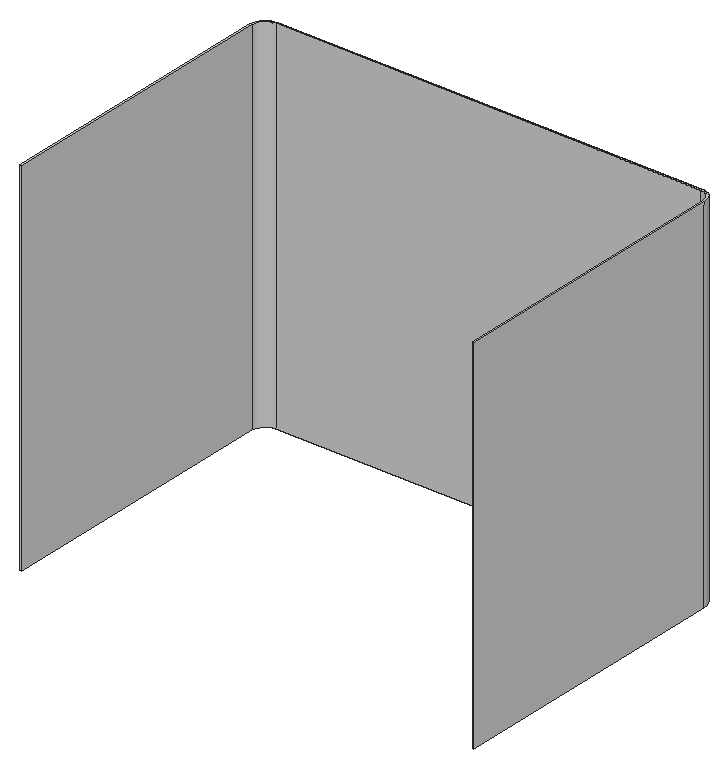
Revit family "Haworth_Belong_Cubby", category Furniture Systems, Revit 2018
Family settings
  Round Connector Dimension = Use Diameter
  Part Type = Normal
  OmniClass Number = 23.40.70.14.64.21
  OmniClass Title = Systems Furniture
  Work Plane-Based = No
  Always vertical = Yes
  Cut with Voids When Loaded = No
  Shared = No
  Room Calculation Point = No
Parameters (values of type "12h - With Slots")
  Without Slots [instance] = not(With Slots)  # no
  With Slots [instance] = yes
  Width = 15"  # constant formula
  Warranty = "http://www.haworth.com/resources/product-info/warranties"
  URL = "www.haworth.com"
  Type Comments = ""
  Trim Finish = Haworth _ Paint _ Putty
  Sustainability Info = "https://www.haworth.com/na/en/expertise/sustainability.html"
  Standard Heights = "9, 12 in."  # constant formula
  Standard Depth = "10 in."  # constant formula
  Standard 12in = and([12in Cubby Height], or(Width = 18", Width = 22", Width = 27", Width = 31", Width = 36"))  # no
  Slat Top Offset = 1 53/64"  # constant formula
  Slat Offset = 1 7/32"  # constant formula
  Slat Height = 87/256"  # constant formula
  Slat Gap = 1 169/256"  # constant formula
  Size = "Verify Final Dim. w/ Haworth"  # constant formula
  Revision Number = "2"  # constant formula
  Product Page URL = "http://www.haworth.com/products/accessories/work-tools/belong"
  Metal Depth = 1/16"  # constant formula
  Mounting Height [instance] = 30"
  Model = "Haworth - Belong - Cubby"  # constant formula
  Standard Width = "15 in."  # constant formula
  Min. Width = 15"  # constant formula
  Max. Width = 15"  # constant formula
  Manufacturer = "Haworth"  # constant formula
  Description = "Haworth - Belong - Cubby"  # constant formula
  Standard 8in = and([9in Cubby Height], or(Width = 24", Width = 30", Width = 36", Width = 42", Width = 48"))  # no
  Custom Size = not(or(Standard 12in, Standard 8in))  # yes
  Author = "Haworth (Hampton)"  # constant formula
  Assembly Code = "E2020200"
  Actual With Slots [instance] = and(With Slots, [12in Cubby Height])  # yes
  Actual Width = if(Width > Max. Width, Max. Width, if(Width < Min. Width, Min. Width, Width))  # 15"
  Actual Height = if([12in Cubby Height], 12", 9")  # 12"
  Actual Depth = 10"  # constant formula
  9in Cubby Height = not([12in Cubby Height])  # no
  12in Cubby Height = yes
Types (3): name | Without Slots | With Slots | Actual With Slots | Actual Height | 9in Cubby Height | 12in Cubby Height
  12h - With Slots | no | yes | yes | 12" | no | yes
  12h - No Slots | yes | no | no | 12" | no | yes
  9h - No Slots | yes | no | no | 9" | yes | no
Reference planes (in)
  plane 1 "Center F/B": y = 0
  plane 2: z = 0
  plane 3 "Center L/R": x = 0
  plane 4 "Left": x = -7.5
  plane 5 "Right": x = 7.5
  plane 6 "Back": y = 0.03125
  plane 7 "Front": y = -0.03125
  plane 8: z = 30
  plane 9: z = 42
  plane 10 "Slat 1": z = 40.17188
  plane 11 "Slat 2": z = 39.83203
  plane 12 "Slat 3": z = 38.17188
  plane 13 "Slat 4": z = 37.83203
  plane 14 "Slat 5": z = 36.17188
  plane 15 "Slat 6": z = 35.83203
  plane 16 "Slat Left": x = -6.28125
  plane 17 "Slat Right": x = 6.28125
  plane 18 "Front End": y = -9.96875
  plane 19 "Left Inside": x = -7.4375
  plane 20 "Right Inside": x = 7.4375
Forms (in)
  Extrusion 1, solid, material "Haworth _ Paint _ Putty" <- "Trim Finish"
    sketch origin (0, 0, 0) x (1, 0, 0) y (0, 1, 0)
      loop
        line (-7.4375, -9.96875) -> (-7.4375, -0.46875)
        arc (-7.4375, -0.46875) -> (-7.30936, -0.15939) -> (-7, -0.03125) r 0.4375
        line (-7, -0.03125) -> (7, -0.03125)
        arc (7, -0.03125) -> (7.30936, -0.15939) -> (7.4375, -0.46875) r 0.4375
        line (7.4375, -0.46875) -> (7.4375, -9.96875) -> (7.5, -9.96875) -> (7.5, -0.46875)
        arc (7.5, -0.46875) -> (7.35355, -0.1152) -> (7, 0.03125) r 0.5
        line (7, 0.03125) -> (-7, 0.03125)
        arc (-7, 0.03125) -> (-7.35355, -0.1152) -> (-7.5, -0.46875) r 0.5
        line (-7.5, -0.46875) -> (-7.5, -9.96875) -> (-7.4375, -9.96875)
    from 30 to 42
Lines and regions (in)
  Masking region 1
    outline origin (0, 0, 0) x (1, 0, 0) y (0, 1, 0)
      loop
        line (-7.5, 0.03125) -> (-7.5, -9.96875) -> (-7.4375, -9.96875) -> (-7.4375, -0.03125) -> (7.4375, -0.03125) -> (7.4375, -9.96875) -> (7.5, -9.96875) -> (7.5, 0.03125) -> (-7.5, 0.03125)
  model lines, visible <- "Actual With Slots", detail levels medium+fine
    curve 1: line (-6.28125, -0.03125, 40.17188) -> (6.28125, -0.03125, 40.17188)
    curve 2: line (-6.28125, -0.03125, 39.83203) -> (-6.28125, -0.03125, 40.17188)
    curve 3: line (6.28125, -0.03125, 39.83203) -> (-6.28125, -0.03125, 39.83203)
    curve 4: line (6.28125, -0.03125, 40.17188) -> (6.28125, -0.03125, 39.83203)
    curve 5: line (-6.28125, -0.03125, 38.17188) -> (6.28125, -0.03125, 38.17188)
    curve 6: line (-6.28125, -0.03125, 37.83203) -> (-6.28125, -0.03125, 38.17188)
    curve 7: line (6.28125, -0.03125, 37.83203) -> (-6.28125, -0.03125, 37.83203)
    curve 8: line (6.28125, -0.03125, 38.17188) -> (6.28125, -0.03125, 37.83203)
    curve 9: line (-6.28125, -0.03125, 36.17188) -> (6.28125, -0.03125, 36.17188)
    curve 10: line (-6.28125, -0.03125, 35.83203) -> (-6.28125, -0.03125, 36.17188)
    curve 11: line (6.28125, -0.03125, 35.83203) -> (-6.28125, -0.03125, 35.83203)
    curve 12: line (6.28125, -0.03125, 36.17188) -> (6.28125, -0.03125, 35.83203)
    curve 13: line (-6.28125, 0.03125, 40.17188) -> (6.28125, 0.03125, 40.17188)
    curve 14: line (-6.28125, 0.03125, 39.83203) -> (-6.28125, 0.03125, 40.17188)
    curve 15: line (6.28125, 0.03125, 39.83203) -> (-6.28125, 0.03125, 39.83203)
    curve 16: line (6.28125, 0.03125, 40.17188) -> (6.28125, 0.03125, 39.83203)
    curve 17: line (-6.28125, 0.03125, 38.17188) -> (6.28125, 0.03125, 38.17188)
    curve 18: line (-6.28125, 0.03125, 37.83203) -> (-6.28125, 0.03125, 38.17188)
    curve 19: line (6.28125, 0.03125, 37.83203) -> (-6.28125, 0.03125, 37.83203)
    curve 20: line (6.28125, 0.03125, 38.17188) -> (6.28125, 0.03125, 37.83203)
    curve 21: line (-6.28125, 0.03125, 36.17188) -> (6.28125, 0.03125, 36.17188)
    curve 22: line (-6.28125, 0.03125, 35.83203) -> (-6.28125, 0.03125, 36.17188)
    curve 23: line (6.28125, 0.03125, 35.83203) -> (-6.28125, 0.03125, 35.83203)
    curve 24: line (6.28125, 0.03125, 36.17188) -> (6.28125, 0.03125, 35.83203)
Dimensions and locks (in)
  equal spacing: plane 5 "Right", plane 3 "Center L/R", plane 4 "Left"
  "Actual Width": plane 4 "Left" to plane 5 "Right"
  "Metal Depth": plane 6 "Back" to plane 7 "Front"
  equal spacing: plane 6 "Back", plane 1 "Center F/B", plane 7 "Front"
  "Actual Height": plane 9 to plane 8
  "Mounting Height": plane 8 to level
  "Slat Offset": plane 16 "Slat Left" to plane 4 "Left"
  "Slat Offset": plane 17 "Slat Right" to plane 5 "Right"
  "Slat Top Offset": plane 9 to plane 10 "Slat 1"
  "Slat Height": plane 10 "Slat 1" to plane 11 "Slat 2"
  "Slat Height": plane 12 "Slat 3" to plane 13 "Slat 4"
  "Slat Height": plane 14 "Slat 5" to plane 15 "Slat 6"
  "Slat Gap": plane 11 "Slat 2" to plane 12 "Slat 3"
  "Slat Gap": plane 13 "Slat 4" to plane 14 "Slat 5"
  "Actual Depth": plane 6 "Back" to plane 18 "Front End"
  "Metal Depth": plane 4 "Left" to plane 19 "Left Inside"
  "Metal Depth": plane 20 "Right Inside" to plane 5 "Right"
  aligned and locked: plane 16 "Slat Left" to curve 10
  aligned and locked: plane 16 "Slat Left" to curve 6
  aligned and locked: plane 16 "Slat Left" to curve 2
  aligned and locked: plane 17 "Slat Right" to curve 12
  aligned and locked: plane 17 "Slat Right" to curve 8
  aligned and locked: plane 17 "Slat Right" to curve 4
  aligned and locked: curve 1 to plane 10 "Slat 1"
  aligned and locked: plane 11 "Slat 2" to curve 3
  aligned and locked: curve 5 to plane 12 "Slat 3"
  aligned and locked: plane 13 "Slat 4" to curve 7
  aligned and locked: curve 9 to plane 14 "Slat 5"
  aligned and locked: plane 15 "Slat 6" to curve 11
  aligned and locked: plane 6 "Back" to Masking region 1
  aligned and locked: plane 18 "Front End" to Extrusion 1 sketch curve  (x2)
  aligned and locked: plane 4 "Left" to Extrusion 1 sketch curve
  aligned and locked: Extrusion 1 sketch curve to plane 6 "Back"
  aligned and locked: plane 5 "Right" to Extrusion 1 sketch curve
  aligned and locked: Extrusion 1 sketch curve to plane 20 "Right Inside"
  aligned and locked: Extrusion 1 sketch curve to plane 7 "Front"
  aligned and locked: Extrusion 1 sketch curve to plane 19 "Left Inside"
  aligned and locked: plane 9 to Extrusion 1
  aligned and locked: Extrusion 1 to plane 8
  aligned and locked: Masking region 1 to plane 4 "Left"
  aligned and locked: plane 19 "Left Inside" to Masking region 1
  aligned and locked: Masking region 1 to plane 18 "Front End"  (x2)
  aligned and locked: Masking region 1 to curve 13
  aligned and locked: plane 7 "Front" to Masking region 1
  aligned and locked: plane 20 "Right Inside" to Masking region 1
  aligned and locked: Masking region 1 to plane 5 "Right"
Automatic sketch dimensions
  Extrusion 1 sketch curve to Extrusion 1 sketch curve = 0"  (x2)
  plane 19 "Left Inside" to Extrusion 1 sketch curve = 7/16"
  plane 20 "Right Inside" to Extrusion 1 sketch curve = 7/16"
  Masking region 1 sketch curve to plane 4 "Left" = 0"
  Masking region 1 sketch curve to plane 18 "Front End" = 0"  (x2)
  Masking region 1 sketch curve to plane 19 "Left Inside" = 0"
  Masking region 1 sketch curve to plane 20 "Right Inside" = 0"
  Masking region 1 sketch curve to plane 5 "Right" = 0"
  plane 7 "Front" to Masking region 1 sketch curve = 0"
  Masking region 1 sketch curve to plane 6 "Back" = 0"
  curve 19 to plane 13 "Slat 4" = 0"
  plane 17 "Slat Right" to curve 19 = 0"
  curve 13 to plane 10 "Slat 1" = 0"
  plane 17 "Slat Right" to curve 13 = 0"
  curve 24 to plane 14 "Slat 5" = 0"
  plane 17 "Slat Right" to curve 24 = 0"
  curve 18 to plane 12 "Slat 3" = 0"
  curve 18 to plane 16 "Slat Left" = 0"
  curve 21 to plane 16 "Slat Left" = 0"
  curve 15 to plane 11 "Slat 2" = 0"
  curve 15 to plane 16 "Slat Left" = 0"
  curve 22 to plane 15 "Slat 6" = 0"
